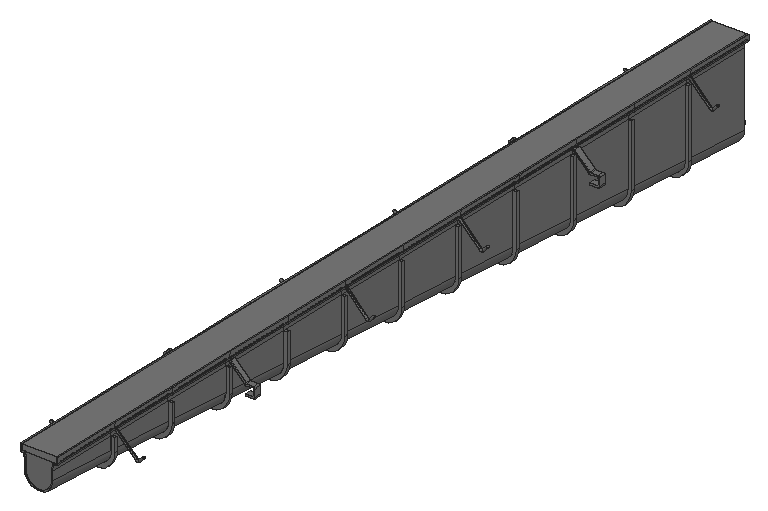
Revit family "x9940", category Plumbing Fixtures, Revit 2014
Parameters (values of type "9940")
  Waste Connection = yes
  Vent Connection = no
  URL = "http://www.jrsmith.com"
  Type Comments = "Wide Zip Trench"
  Product URL = "https://www.jrsmith.com/9940-zip-trench-drain"
  Product Documentation Link = "https://www.jrsmith.com/uploads/fileLibrary/d9940.pdf"
  Model = "9940"
  Manufacturer = "Jay R. Smith"
  HW Connection = no
  Description = "6-inch Wide Polypropylene Trench Drain System - Zip Trench"  # constant formula
  Default Elevation = 0"
  Connection Size = 4"
  CW Connection = no
Reference planes (in)
  plane 1 "Center (Front/Back)": y = 0
  plane 2: z = 0
  plane 3 "Center (Left/Right)": x = 0
  plane 4: x = -6.4375
  plane 5: x = 6.4375
  plane 6: x = -2.5625
  plane 7: x = 2.5625
  plane 8: x = -1.8125
  plane 9: x = 1.8125
  plane 10: z = -0.8125
  plane 11: z = -4.8125
  plane 12: y = 29.75
  plane 13: y = -29.75
  plane 14: y = -59.3125
  plane 15: y = 59.3125
  plane 16: y = 49.45833
  plane 17: y = 39.60417
  plane 18: y = 9.91667
  plane 19: y = 19.83333
  plane 20: y = -9.91667
  plane 21: y = -19.83333
  plane 22: y = -49.45833
  plane 23: y = -39.60417
  plane 24: z = -1.87363
  plane 25: y = 49.13688
  plane 26: y = 39.28271
  plane 27: y = 29.42855
  plane 28: y = 19.51188
  plane 29: y = 9.59521
  plane 30: y = -49.13688
  plane 31: y = -39.28271
  plane 32: y = -29.42855
  plane 33: y = -19.51188
  plane 34: y = -9.59521
  plane 35: y = 0.15625
  plane 36: y = -0.15625
  plane 37: y = 58.99105
  plane 38: y = 49.29313
  plane 39: y = 19.66813
  plane 40: y = 9.75146
  plane 41: y = 29.5848
  plane 42: z = -3.7475
  plane 43: z = -5.56
  plane 44: z = -3
  plane 45: z = -4.8125
  plane 46: z = -4.4975
  plane 47: z = -6.31
  plane 48: z = -3.7475
  plane 49: z = -5.56
  plane 50: z = -5.2475
  plane 51: z = -7.06
  plane 52: z = -4.4975
  plane 53: z = -6.31
  plane 54: z = -5.9975
  plane 55: z = -7.81
  plane 56: z = -5.2475
  plane 57: z = -7.06
  plane 58: z = -6.7475
  plane 59: z = -8.56
  plane 60: z = -5.9975
  plane 61: z = -7.81
  plane 62: z = -7.4975
  plane 63: z = -9.31
  plane 64: z = -6.7475
  plane 65: z = -8.56
  plane 66: z = -8.2475
  plane 67: z = -10.06
  plane 68: z = -7.4975
  plane 69: z = -9.31
  plane 70: z = -8.9975
  plane 71: z = -10.81
  plane 72: z = -8.2475
  plane 73: z = -10.06
  plane 74: z = -9.7475
  plane 75: z = -11.56
  plane 76: z = -8.9975
  plane 77: z = -10.81
  plane 78: z = -10.4975
  plane 79: z = -12.31
  plane 80: z = -9.7475
  plane 81: z = -11.56
  plane 82: z = -11.2475
  plane 83: z = -13.06
  plane 84: z = -10.4975
  plane 85: z = -12.31
  plane 86: z = -11.9975
  plane 87: z = -13.81
  plane 88: z = -11.2475
  plane 89: z = -13.06
  plane 90: z = -1.87363
  plane 91: z = -11.71625
  plane 92: z = -13.21625
Forms (in)
  Sweep 1, solid, material "Coated Steel"
    path origin (0, 49.29313, 0) x (1, 0, 0) y (0, 0, 1)
      loop
        line (-6.4375, -3.00878) -> (-5.8065, -3.63978)
        arc (-5.8065, -3.63978) -> (-5.60396, -3.72367) -> (-5.40141, -3.63978) r 0.28644
        line (-5.40141, -3.63978) -> (-2.46486, -0.70323)
    profile origin (-6.122, 49.29313, -3.32428) x (0.707107, 0, 0.707107) y (0, -1, 0)
      loop
        circle (0, 0) r 0.125
  Sweep 2, solid, material "Coated Steel"
    path origin (0, 49.29313, 0) x (-1, 0, 0) y (0, 0, 1)
      loop
        line (-6.4375, -3.00878) -> (-5.8065, -3.63978)
        arc (-5.8065, -3.63978) -> (-5.60396, -3.72367) -> (-5.40141, -3.63978) r 0.28644
        line (-5.40141, -3.63978) -> (-2.46486, -0.70323)
    profile origin (6.122, 49.29313, -3.32428) x (0.707107, 0, -0.707107) y (0, -1, 0)
      loop
        circle (0, 0) r 0.125
  Sweep 3, solid, material "Coated Steel"
    path origin (0, 9.75146, 0) x (1, 0, 0) y (0, 0, 1)
      loop
        line (-6.4375, -3.00878) -> (-5.8065, -3.63978)
        arc (-5.8065, -3.63978) -> (-5.60396, -3.72367) -> (-5.40141, -3.63978) r 0.28644
        line (-5.40141, -3.63978) -> (-2.46486, -0.70323)
    profile origin (-6.122, 9.75146, -3.32428) x (0.707107, 0, 0.707107) y (0, -1, 0)
      loop
        circle (0, 0) r 0.125
  Sweep 4, solid, material "Coated Steel"
    path origin (0, 9.75146, 0) x (-1, 0, 0) y (0, 0, 1)
      loop
        line (-6.4375, -3.00878) -> (-5.8065, -3.63978)
        arc (-5.8065, -3.63978) -> (-5.60396, -3.72367) -> (-5.40141, -3.63978) r 0.28644
        line (-5.40141, -3.63978) -> (-2.46486, -0.70323)
    profile origin (6.122, 9.75146, -3.32428) x (0.707107, 0, -0.707107) y (0, -1, 0)
      loop
        circle (0, 0) r 0.125
  Sweep 5, solid, material "Coated Steel"
    path origin (0, -49.29313, 0) x (-1, 0, 0) y (0, 0, 1)
      loop
        line (-6.4375, -3.00878) -> (-5.8065, -3.63978)
        arc (-5.8065, -3.63978) -> (-5.60396, -3.72367) -> (-5.40141, -3.63978) r 0.28644
        line (-5.40141, -3.63978) -> (-2.46486, -0.70323)
    profile origin (6.122, -49.29313, -3.32428) x (-0.707107, 0, 0.707107) y (0, 1, 0)
      loop
        circle (0, 0) r 0.125
  Sweep 6, solid, material "Coated Steel"
    path origin (0, -9.75146, 0) x (1, 0, 0) y (0, 0, -1)
      loop
        line (-6.4375, 3.00878) -> (-5.8065, 3.63978)
        arc (-5.8065, 3.63978) -> (-5.60396, 3.72367) -> (-5.40141, 3.63978) r 0.28644
        line (-5.40141, 3.63978) -> (-2.46486, 0.70323)
    profile origin (-6.122, -9.75146, -3.32428) x (-0.707107, 0, -0.707107) y (0, 1, 0)
      loop
        circle (0, 0) r 0.125
  Sweep 7, solid, material "Coated Steel"
    path origin (0, -9.75146, 0) x (-1, 0, 0) y (0, 0, 1)
      loop
        line (-6.4375, -3.00878) -> (-5.8065, -3.63978)
        arc (-5.8065, -3.63978) -> (-5.60396, -3.72367) -> (-5.40141, -3.63978) r 0.28644
        line (-5.40141, -3.63978) -> (-2.46486, -0.70323)
    profile origin (6.122, -9.75146, -3.32428) x (-0.707107, 0, 0.707107) y (0, 1, 0)
      loop
        circle (0, 0) r 0.125
  Extrusion 8, solid, material "Coated Steel"
    sketch origin (0, -0.12653, 0) x (1, 0, 0) y (0, 0, 1)
      loop
        line (-2.84599, -0.8125) -> (-4.90563, -2.87214)
        arc (-4.90563, -2.87214) -> (-4.9466, -2.89951) -> (-4.99493, -2.90913) r 0.12629
        line (-4.99493, -2.90913) -> (-6.05129, -2.90913)
        arc (-6.05129, -2.90913) -> (-6.19384, -2.96818) -> (-6.25289, -3.11073) r 0.2016
        line (-6.25289, -3.11073) -> (-6.25289, -4.20026)
        arc (-6.25289, -4.20026) -> (-6.19171, -4.34795) -> (-6.04402, -4.40913) r 0.20887
        line (-6.04402, -4.40913) -> (-4.96061, -4.40913) -> (-4.96061, -4.21916) -> (-5.99562, -4.21916)
        arc (-5.99562, -4.21916) -> (-6.06196, -4.19168) -> (-6.08944, -4.12534) r 0.09381
        line (-6.08944, -4.12534) -> (-6.08944, -3.17579)
        arc (-6.08944, -3.17579) -> (-6.07039, -3.12981) -> (-6.02441, -3.11076) r 0.06502
        line (-6.02441, -3.11076) -> (-5.01593, -3.11076)
        arc (-5.01593, -3.11076) -> (-4.8846, -3.08464) -> (-4.77327, -3.01025) r 0.34317
        line (-4.77327, -3.01025) -> (-2.73958, -0.97656) -> (-2.3821, -0.97656) -> (-2.3821, -0.8125) -> (-2.84599, -0.8125)
      loop
        line (2.84599, -0.8125) -> (2.3821, -0.8125) -> (2.3821, -0.97656) -> (2.73958, -0.97656) -> (4.77327, -3.01025)
        arc (4.77327, -3.01025) -> (4.8846, -3.08464) -> (5.01593, -3.11076) r 0.34317
        line (5.01593, -3.11076) -> (6.02441, -3.11076)
        arc (6.02441, -3.11076) -> (6.07039, -3.12981) -> (6.08944, -3.17579) r 0.06502
        line (6.08944, -3.17579) -> (6.08944, -4.12534)
        arc (6.08944, -4.12534) -> (6.06196, -4.19168) -> (5.99562, -4.21916) r 0.09381
        line (5.99562, -4.21916) -> (4.96061, -4.21916) -> (4.96061, -4.40913) -> (6.04402, -4.40913)
        arc (6.04402, -4.40913) -> (6.19171, -4.34795) -> (6.25289, -4.20026) r 0.20887
        line (6.25289, -4.20026) -> (6.25289, -3.11073)
        arc (6.25289, -3.11073) -> (6.19384, -2.96818) -> (6.05129, -2.90913) r 0.2016
        line (6.05129, -2.90913) -> (4.99493, -2.90913)
        arc (4.99493, -2.90913) -> (4.9466, -2.89951) -> (4.90563, -2.87214) r 0.12629
        line (4.90563, -2.87214) -> (2.84599, -0.8125)
    from -30.12653 to -29.29612
  Extrusion 9, solid, material "Coated Steel"
    sketch origin (0, 0.12653, 0) x (1, 0, 0) y (0, 0, -1)
      loop
        line (-2.84599, 0.8125) -> (-2.3821, 0.8125) -> (-2.3821, 0.97656) -> (-2.73958, 0.97656) -> (-4.77327, 3.01025)
        arc (-4.77327, 3.01025) -> (-4.8846, 3.08464) -> (-5.01593, 3.11076) r 0.34317
        line (-5.01593, 3.11076) -> (-6.02441, 3.11076)
        arc (-6.02441, 3.11076) -> (-6.07039, 3.12981) -> (-6.08944, 3.17579) r 0.06502
        line (-6.08944, 3.17579) -> (-6.08944, 4.12534)
        arc (-6.08944, 4.12534) -> (-6.06196, 4.19168) -> (-5.99562, 4.21916) r 0.09381
        line (-5.99562, 4.21916) -> (-4.96061, 4.21916) -> (-4.96061, 4.40913) -> (-6.04402, 4.40913)
        arc (-6.04402, 4.40913) -> (-6.19171, 4.34795) -> (-6.25289, 4.20026) r 0.20887
        line (-6.25289, 4.20026) -> (-6.25289, 3.11073)
        arc (-6.25289, 3.11073) -> (-6.19384, 2.96818) -> (-6.05129, 2.90913) r 0.2016
        line (-6.05129, 2.90913) -> (-4.99493, 2.90913)
        arc (-4.99493, 2.90913) -> (-4.9466, 2.89951) -> (-4.90563, 2.87214) r 0.12629
        line (-4.90563, 2.87214) -> (-2.84599, 0.8125)
      loop
        line (2.84599, 0.8125) -> (4.90563, 2.87214)
        arc (4.90563, 2.87214) -> (4.9466, 2.89951) -> (4.99493, 2.90913) r 0.12629
        line (4.99493, 2.90913) -> (6.05129, 2.90913)
        arc (6.05129, 2.90913) -> (6.19384, 2.96818) -> (6.25289, 3.11073) r 0.2016
        line (6.25289, 3.11073) -> (6.25289, 4.20026)
        arc (6.25289, 4.20026) -> (6.19171, 4.34795) -> (6.04402, 4.40913) r 0.20887
        line (6.04402, 4.40913) -> (4.96061, 4.40913) -> (4.96061, 4.21916) -> (5.99562, 4.21916)
        arc (5.99562, 4.21916) -> (6.06196, 4.19168) -> (6.08944, 4.12534) r 0.09381
        line (6.08944, 4.12534) -> (6.08944, 3.17579)
        arc (6.08944, 3.17579) -> (6.07039, 3.12981) -> (6.02441, 3.11076) r 0.06502
        line (6.02441, 3.11076) -> (5.01593, 3.11076)
        arc (5.01593, 3.11076) -> (4.8846, 3.08464) -> (4.77327, 3.01025) r 0.34317
        line (4.77327, 3.01025) -> (2.73958, 0.97656) -> (2.3821, 0.97656) -> (2.3821, 0.8125) -> (2.84599, 0.8125)
    from -30.12653 to -29.29612
  Sweep 10, solid, material "Coated Steel"
    path origin (0, -49.29313, 0) x (1, 0, 0) y (0, 0, -1)
      loop
        line (-6.4375, 3.00878) -> (-5.8065, 3.63978)
        arc (-5.8065, 3.63978) -> (-5.60396, 3.72367) -> (-5.40141, 3.63978) r 0.28644
        line (-5.40141, 3.63978) -> (-2.46486, 0.70323)
    profile origin (-6.122, -49.29313, -3.32428) x (-0.707107, 0, -0.707107) y (0, 1, 0)
      loop
        circle (0, 0) r 0.125
  Extrusion 11, solid, material "Steel"
    sketch origin (0, 0, 0) x (1, 0, 0) y (0, 0, 1)
      loop
        arc (-2.39633, -0.69967) -> (-2.36328, -0.77945) -> (-2.2835, -0.8125) r 0.11283
        line (-2.2835, -0.8125) -> (2.29086, -0.8125)
        arc (2.29086, -0.8125) -> (2.37097, -0.77932) -> (2.40415, -0.69922) r 0.11328
        line (2.40415, -0.69922) -> (2.40415, 0) -> (-2.39633, 0) -> (-2.39633, -0.69967)
    from -59.3125 to 59.3125
  Blend 12, solid, material "Coated Steel"
    base sketch origin (-25, 0, 0) x (1, 0, 0) y (0, 0, 1)
      loop
        line (22.4375, 0) -> (22.4375, -0.79616)
        arc (22.4375, -0.79616) -> (22.49034, -0.92372) -> (22.6179, -0.97656) r 0.1804
        line (22.6179, -0.97656) -> (22.8533, -0.97656)
        arc (22.8533, -0.97656) -> (22.92131, -1.00301) -> (22.95359, -1.06846) r 0.10067
        line (22.95359, -1.06846) -> (23.03184, -1.96293) -> (23.03184, -3.7475)
        arc (23.03184, -3.7475) -> (25, -5.71566) -> (26.96816, -3.7475) r 1.96816
        line (26.96816, -3.7475) -> (26.96816, -1.87363) -> (27.03928, -1.06064)
        arc (27.03928, -1.06064) -> (27.07156, -0.9952) -> (27.13957, -0.96875) r 0.10067
        line (27.13957, -0.96875) -> (27.3821, -0.96875)
        arc (27.3821, -0.96875) -> (27.50966, -0.91591) -> (27.5625, -0.78835) r 0.1804
        line (27.5625, -0.78835) -> (27.5625, 0) -> (27.40415, 0) -> (27.40415, -0.69922)
        arc (27.40415, -0.69922) -> (27.37097, -0.77932) -> (27.29086, -0.8125) r 0.11328
        line (27.29086, -0.8125) -> (27.02152, -0.8125)
        arc (27.02152, -0.8125) -> (26.93498, -0.84615) -> (26.89392, -0.92943) r 0.12809
        line (26.89392, -0.92943) -> (26.8125, -1.86001) -> (26.8125, -3.7475)
        arc (26.8125, -3.7475) -> (25, -5.56) -> (23.1875, -3.7475) r 1.8125
        line (23.1875, -3.7475) -> (23.1875, -1.86001) -> (23.10608, -0.92943)
        arc (23.10608, -0.92943) -> (23.06502, -0.84615) -> (22.97848, -0.8125) r 0.12809
        line (22.97848, -0.8125) -> (22.7165, -0.8125)
        arc (22.7165, -0.8125) -> (22.63672, -0.77945) -> (22.60367, -0.69967) r 0.11283
        line (22.60367, -0.69967) -> (22.60367, 0) -> (22.4375, 0)
    top sketch origin (-25, 0, 0) x (1, 0, 0) y (0, 0, 1)
      loop
        line (22.4375, 0) -> (22.4375, -0.79616)
        arc (22.4375, -0.79616) -> (22.49034, -0.92372) -> (22.6179, -0.97656) r 0.1804
        line (22.6179, -0.97656) -> (22.8533, -0.97656)
        arc (22.8533, -0.97656) -> (22.92131, -1.00301) -> (22.95359, -1.06846) r 0.10067
        line (22.95359, -1.06846) -> (23.03184, -1.96293) -> (23.03184, -3)
        arc (23.03184, -3) -> (25, -4.96816) -> (26.96816, -3) r 1.96816
        line (26.96816, -3) -> (26.96816, -1.87363) -> (27.03928, -1.06064)
        arc (27.03928, -1.06064) -> (27.07156, -0.9952) -> (27.13957, -0.96875) r 0.10067
        line (27.13957, -0.96875) -> (27.3821, -0.96875)
        arc (27.3821, -0.96875) -> (27.50966, -0.91591) -> (27.5625, -0.78835) r 0.1804
        line (27.5625, -0.78835) -> (27.5625, 0) -> (27.40415, 0) -> (27.40415, -0.69922)
        arc (27.40415, -0.69922) -> (27.37097, -0.77932) -> (27.29086, -0.8125) r 0.11328
        line (27.29086, -0.8125) -> (27.02152, -0.8125)
        arc (27.02152, -0.8125) -> (26.93498, -0.84615) -> (26.89392, -0.92943) r 0.12809
        line (26.89392, -0.92943) -> (26.8125, -1.86001) -> (26.8125, -3)
        arc (26.8125, -3) -> (25, -4.8125) -> (23.1875, -3) r 1.8125
        line (23.1875, -3) -> (23.1875, -1.86001) -> (23.10608, -0.92943)
        arc (23.10608, -0.92943) -> (23.06502, -0.84615) -> (22.97848, -0.8125) r 0.12809
        line (22.97848, -0.8125) -> (22.7165, -0.8125)
        arc (22.7165, -0.8125) -> (22.63672, -0.77945) -> (22.60367, -0.69967) r 0.11283
        line (22.60367, -0.69967) -> (22.60367, 0) -> (22.4375, 0)
    from 49.45833 to 59.3125
  Blend 13, solid, material "Coated Steel"
    base sketch origin (-25, 0, 0) x (1, 0, 0) y (0, 0, 1)
      loop
        line (22.4375, 0) -> (22.4375, -0.79616)
        arc (22.4375, -0.79616) -> (22.49034, -0.92372) -> (22.6179, -0.97656) r 0.1804
        line (22.6179, -0.97656) -> (22.8533, -0.97656)
        arc (22.8533, -0.97656) -> (22.92131, -1.00301) -> (22.95359, -1.06846) r 0.10067
        line (22.95359, -1.06846) -> (23.03184, -1.96293) -> (23.03184, -4.4975)
        arc (23.03184, -4.4975) -> (25, -6.46566) -> (26.96816, -4.4975) r 1.96816
        line (26.96816, -4.4975) -> (26.96816, -1.87363) -> (27.03928, -1.06064)
        arc (27.03928, -1.06064) -> (27.07156, -0.9952) -> (27.13957, -0.96875) r 0.10067
        line (27.13957, -0.96875) -> (27.3821, -0.96875)
        arc (27.3821, -0.96875) -> (27.50966, -0.91591) -> (27.5625, -0.78835) r 0.1804
        line (27.5625, -0.78835) -> (27.5625, 0) -> (27.40415, 0) -> (27.40415, -0.69922)
        arc (27.40415, -0.69922) -> (27.37097, -0.77932) -> (27.29086, -0.8125) r 0.11328
        line (27.29086, -0.8125) -> (27.02152, -0.8125)
        arc (27.02152, -0.8125) -> (26.93498, -0.84615) -> (26.89392, -0.92943) r 0.12809
        line (26.89392, -0.92943) -> (26.8125, -1.86001) -> (26.8125, -4.4975)
        arc (26.8125, -4.4975) -> (25, -6.31) -> (23.1875, -4.4975) r 1.8125
        line (23.1875, -4.4975) -> (23.1875, -1.86001) -> (23.10608, -0.92943)
        arc (23.10608, -0.92943) -> (23.06502, -0.84615) -> (22.97848, -0.8125) r 0.12809
        line (22.97848, -0.8125) -> (22.7165, -0.8125)
        arc (22.7165, -0.8125) -> (22.63672, -0.77945) -> (22.60367, -0.69967) r 0.11283
        line (22.60367, -0.69967) -> (22.60367, 0) -> (22.4375, 0)
    top sketch origin (-25, 0, 0) x (1, 0, 0) y (0, 0, 1)
      loop
        line (22.4375, 0) -> (22.4375, -0.79616)
        arc (22.4375, -0.79616) -> (22.49034, -0.92372) -> (22.6179, -0.97656) r 0.1804
        line (22.6179, -0.97656) -> (22.8533, -0.97656)
        arc (22.8533, -0.97656) -> (22.92131, -1.00301) -> (22.95359, -1.06846) r 0.10067
        line (22.95359, -1.06846) -> (23.03184, -1.96293) -> (23.03184, -3.7475)
        arc (23.03184, -3.7475) -> (25, -5.71566) -> (26.96816, -3.7475) r 1.96816
        line (26.96816, -3.7475) -> (26.96816, -1.87363) -> (27.03928, -1.06064)
        arc (27.03928, -1.06064) -> (27.07156, -0.9952) -> (27.13957, -0.96875) r 0.10067
        line (27.13957, -0.96875) -> (27.3821, -0.96875)
        arc (27.3821, -0.96875) -> (27.50966, -0.91591) -> (27.5625, -0.78835) r 0.1804
        line (27.5625, -0.78835) -> (27.5625, 0) -> (27.40415, 0) -> (27.40415, -0.69922)
        arc (27.40415, -0.69922) -> (27.37097, -0.77932) -> (27.29086, -0.8125) r 0.11328
        line (27.29086, -0.8125) -> (27.02152, -0.8125)
        arc (27.02152, -0.8125) -> (26.93498, -0.84615) -> (26.89392, -0.92943) r 0.12809
        line (26.89392, -0.92943) -> (26.8125, -1.86001) -> (26.8125, -3.7475)
        arc (26.8125, -3.7475) -> (25, -5.56) -> (23.1875, -3.7475) r 1.8125
        line (23.1875, -3.7475) -> (23.1875, -1.86001) -> (23.10608, -0.92943)
        arc (23.10608, -0.92943) -> (23.06502, -0.84615) -> (22.97848, -0.8125) r 0.12809
        line (22.97848, -0.8125) -> (22.7165, -0.8125)
        arc (22.7165, -0.8125) -> (22.63672, -0.77945) -> (22.60367, -0.69967) r 0.11283
        line (22.60367, -0.69967) -> (22.60367, 0) -> (22.4375, 0)
    from 39.60417 to 49.45833
  Blend 14, solid, material "Coated Steel"
    base sketch origin (-25, 0, 0) x (1, 0, 0) y (0, 0, 1)
      loop
        line (22.4375, 0) -> (22.4375, -0.79616)
        arc (22.4375, -0.79616) -> (22.49034, -0.92372) -> (22.6179, -0.97656) r 0.1804
        line (22.6179, -0.97656) -> (22.8533, -0.97656)
        arc (22.8533, -0.97656) -> (22.92131, -1.00301) -> (22.95359, -1.06846) r 0.10067
        line (22.95359, -1.06846) -> (23.03184, -1.96293) -> (23.03184, -5.2475)
        arc (23.03184, -5.2475) -> (25, -7.21566) -> (26.96816, -5.2475) r 1.96816
        line (26.96816, -5.2475) -> (26.96816, -1.87363) -> (27.03928, -1.06064)
        arc (27.03928, -1.06064) -> (27.07156, -0.9952) -> (27.13957, -0.96875) r 0.10067
        line (27.13957, -0.96875) -> (27.3821, -0.96875)
        arc (27.3821, -0.96875) -> (27.50966, -0.91591) -> (27.5625, -0.78835) r 0.1804
        line (27.5625, -0.78835) -> (27.5625, 0) -> (27.40415, 0) -> (27.40415, -0.69922)
        arc (27.40415, -0.69922) -> (27.37097, -0.77932) -> (27.29086, -0.8125) r 0.11328
        line (27.29086, -0.8125) -> (27.02152, -0.8125)
        arc (27.02152, -0.8125) -> (26.93498, -0.84615) -> (26.89392, -0.92943) r 0.12809
        line (26.89392, -0.92943) -> (26.8125, -1.86001) -> (26.8125, -5.2475)
        arc (26.8125, -5.2475) -> (25, -7.06) -> (23.1875, -5.2475) r 1.8125
        line (23.1875, -5.2475) -> (23.1875, -1.86001) -> (23.10608, -0.92943)
        arc (23.10608, -0.92943) -> (23.06502, -0.84615) -> (22.97848, -0.8125) r 0.12809
        line (22.97848, -0.8125) -> (22.7165, -0.8125)
        arc (22.7165, -0.8125) -> (22.63672, -0.77945) -> (22.60367, -0.69967) r 0.11283
        line (22.60367, -0.69967) -> (22.60367, 0) -> (22.4375, 0)
    top sketch origin (-25, 0, 0) x (1, 0, 0) y (0, 0, 1)
      loop
        line (22.4375, 0) -> (22.4375, -0.79616)
        arc (22.4375, -0.79616) -> (22.49034, -0.92372) -> (22.6179, -0.97656) r 0.1804
        line (22.6179, -0.97656) -> (22.8533, -0.97656)
        arc (22.8533, -0.97656) -> (22.92131, -1.00301) -> (22.95359, -1.06846) r 0.10067
        line (22.95359, -1.06846) -> (23.03184, -1.96293) -> (23.03184, -4.4975)
        arc (23.03184, -4.4975) -> (25, -6.46566) -> (26.96816, -4.4975) r 1.96816
        line (26.96816, -4.4975) -> (26.96816, -1.87363) -> (27.03928, -1.06064)
        arc (27.03928, -1.06064) -> (27.07156, -0.9952) -> (27.13957, -0.96875) r 0.10067
        line (27.13957, -0.96875) -> (27.3821, -0.96875)
        arc (27.3821, -0.96875) -> (27.50966, -0.91591) -> (27.5625, -0.78835) r 0.1804
        line (27.5625, -0.78835) -> (27.5625, 0) -> (27.40415, 0) -> (27.40415, -0.69922)
        arc (27.40415, -0.69922) -> (27.37097, -0.77932) -> (27.29086, -0.8125) r 0.11328
        line (27.29086, -0.8125) -> (27.02152, -0.8125)
        arc (27.02152, -0.8125) -> (26.93498, -0.84615) -> (26.89392, -0.92943) r 0.12809
        line (26.89392, -0.92943) -> (26.8125, -1.86001) -> (26.8125, -4.4975)
        arc (26.8125, -4.4975) -> (25, -6.31) -> (23.1875, -4.4975) r 1.8125
        line (23.1875, -4.4975) -> (23.1875, -1.86001) -> (23.10608, -0.92943)
        arc (23.10608, -0.92943) -> (23.06502, -0.84615) -> (22.97848, -0.8125) r 0.12809
        line (22.97848, -0.8125) -> (22.7165, -0.8125)
        arc (22.7165, -0.8125) -> (22.63672, -0.77945) -> (22.60367, -0.69967) r 0.11283
        line (22.60367, -0.69967) -> (22.60367, 0) -> (22.4375, 0)
    from 29.75 to 39.60417
  Blend 15, solid, material "Coated Steel"
    base sketch origin (-25, 0, 0) x (1, 0, 0) y (0, 0, 1)
      loop
        line (22.4375, 0) -> (22.4375, -0.79616)
        arc (22.4375, -0.79616) -> (22.49034, -0.92372) -> (22.6179, -0.97656) r 0.1804
        line (22.6179, -0.97656) -> (22.8533, -0.97656)
        arc (22.8533, -0.97656) -> (22.92131, -1.00301) -> (22.95359, -1.06846) r 0.10067
        line (22.95359, -1.06846) -> (23.03184, -1.96293) -> (23.03184, -5.9975)
        arc (23.03184, -5.9975) -> (25, -7.96566) -> (26.96816, -5.9975) r 1.96816
        line (26.96816, -5.9975) -> (26.96816, -1.87363) -> (27.03928, -1.06064)
        arc (27.03928, -1.06064) -> (27.07156, -0.9952) -> (27.13957, -0.96875) r 0.10067
        line (27.13957, -0.96875) -> (27.3821, -0.96875)
        arc (27.3821, -0.96875) -> (27.50966, -0.91591) -> (27.5625, -0.78835) r 0.1804
        line (27.5625, -0.78835) -> (27.5625, 0) -> (27.40415, 0) -> (27.40415, -0.69922)
        arc (27.40415, -0.69922) -> (27.37097, -0.77932) -> (27.29086, -0.8125) r 0.11328
        line (27.29086, -0.8125) -> (27.02152, -0.8125)
        arc (27.02152, -0.8125) -> (26.93498, -0.84615) -> (26.89392, -0.92943) r 0.12809
        line (26.89392, -0.92943) -> (26.8125, -1.86001) -> (26.8125, -5.9975)
        arc (26.8125, -5.9975) -> (25, -7.81) -> (23.1875, -5.9975) r 1.8125
        line (23.1875, -5.9975) -> (23.1875, -1.86001) -> (23.10608, -0.92943)
        arc (23.10608, -0.92943) -> (23.06502, -0.84615) -> (22.97848, -0.8125) r 0.12809
        line (22.97848, -0.8125) -> (22.7165, -0.8125)
        arc (22.7165, -0.8125) -> (22.63672, -0.77945) -> (22.60367, -0.69967) r 0.11283
        line (22.60367, -0.69967) -> (22.60367, 0) -> (22.4375, 0)
    top sketch origin (-25, 0, 0) x (1, 0, 0) y (0, 0, 1)
      loop
        line (22.4375, 0) -> (22.4375, -0.79616)
        arc (22.4375, -0.79616) -> (22.49034, -0.92372) -> (22.6179, -0.97656) r 0.1804
        line (22.6179, -0.97656) -> (22.8533, -0.97656)
        arc (22.8533, -0.97656) -> (22.92131, -1.00301) -> (22.95359, -1.06846) r 0.10067
        line (22.95359, -1.06846) -> (23.03184, -1.96293) -> (23.03184, -5.2475)
        arc (23.03184, -5.2475) -> (25, -7.21566) -> (26.96816, -5.2475) r 1.96816
        line (26.96816, -5.2475) -> (26.96816, -1.87363) -> (27.03928, -1.06064)
        arc (27.03928, -1.06064) -> (27.07156, -0.9952) -> (27.13957, -0.96875) r 0.10067
        line (27.13957, -0.96875) -> (27.3821, -0.96875)
        arc (27.3821, -0.96875) -> (27.50966, -0.91591) -> (27.5625, -0.78835) r 0.1804
        line (27.5625, -0.78835) -> (27.5625, 0) -> (27.40415, 0) -> (27.40415, -0.69922)
        arc (27.40415, -0.69922) -> (27.37097, -0.77932) -> (27.29086, -0.8125) r 0.11328
        line (27.29086, -0.8125) -> (27.02152, -0.8125)
        arc (27.02152, -0.8125) -> (26.93498, -0.84615) -> (26.89392, -0.92943) r 0.12809
        line (26.89392, -0.92943) -> (26.8125, -1.86001) -> (26.8125, -5.2475)
        arc (26.8125, -5.2475) -> (25, -7.06) -> (23.1875, -5.2475) r 1.8125
        line (23.1875, -5.2475) -> (23.1875, -1.86001) -> (23.10608, -0.92943)
        arc (23.10608, -0.92943) -> (23.06502, -0.84615) -> (22.97848, -0.8125) r 0.12809
        line (22.97848, -0.8125) -> (22.7165, -0.8125)
        arc (22.7165, -0.8125) -> (22.63672, -0.77945) -> (22.60367, -0.69967) r 0.11283
        line (22.60367, -0.69967) -> (22.60367, 0) -> (22.4375, 0)
    from 19.83333 to 29.75
  Blend 16, solid, material "Coated Steel"
    base sketch origin (-25, 0, 0) x (1, 0, 0) y (0, 0, 1)
      loop
        line (22.4375, 0) -> (22.4375, -0.79616)
        arc (22.4375, -0.79616) -> (22.49034, -0.92372) -> (22.6179, -0.97656) r 0.1804
        line (22.6179, -0.97656) -> (22.8533, -0.97656)
        arc (22.8533, -0.97656) -> (22.92131, -1.00301) -> (22.95359, -1.06846) r 0.10067
        line (22.95359, -1.06846) -> (23.03184, -1.96293) -> (23.03184, -6.7475)
        arc (23.03184, -6.7475) -> (25, -8.71566) -> (26.96816, -6.7475) r 1.96816
        line (26.96816, -6.7475) -> (26.96816, -1.87363) -> (27.03928, -1.06064)
        arc (27.03928, -1.06064) -> (27.07156, -0.9952) -> (27.13957, -0.96875) r 0.10067
        line (27.13957, -0.96875) -> (27.3821, -0.96875)
        arc (27.3821, -0.96875) -> (27.50966, -0.91591) -> (27.5625, -0.78835) r 0.1804
        line (27.5625, -0.78835) -> (27.5625, 0) -> (27.40415, 0) -> (27.40415, -0.69922)
        arc (27.40415, -0.69922) -> (27.37097, -0.77932) -> (27.29086, -0.8125) r 0.11328
        line (27.29086, -0.8125) -> (27.02152, -0.8125)
        arc (27.02152, -0.8125) -> (26.93498, -0.84615) -> (26.89392, -0.92943) r 0.12809
        line (26.89392, -0.92943) -> (26.8125, -1.86001) -> (26.8125, -6.7475)
        arc (26.8125, -6.7475) -> (25, -8.56) -> (23.1875, -6.7475) r 1.8125
        line (23.1875, -6.7475) -> (23.1875, -1.86001) -> (23.10608, -0.92943)
        arc (23.10608, -0.92943) -> (23.06502, -0.84615) -> (22.97848, -0.8125) r 0.12809
        line (22.97848, -0.8125) -> (22.7165, -0.8125)
        arc (22.7165, -0.8125) -> (22.63672, -0.77945) -> (22.60367, -0.69967) r 0.11283
        line (22.60367, -0.69967) -> (22.60367, 0) -> (22.4375, 0)
    top sketch origin (-25, 0, 0) x (1, 0, 0) y (0, 0, 1)
      loop
        line (22.4375, 0) -> (22.4375, -0.79616)
        arc (22.4375, -0.79616) -> (22.49034, -0.92372) -> (22.6179, -0.97656) r 0.1804
        line (22.6179, -0.97656) -> (22.8533, -0.97656)
        arc (22.8533, -0.97656) -> (22.92131, -1.00301) -> (22.95359, -1.06846) r 0.10067
        line (22.95359, -1.06846) -> (23.03184, -1.96293) -> (23.03184, -5.9975)
        arc (23.03184, -5.9975) -> (25, -7.96566) -> (26.96816, -5.9975) r 1.96816
        line (26.96816, -5.9975) -> (26.96816, -1.87363) -> (27.03928, -1.06064)
        arc (27.03928, -1.06064) -> (27.07156, -0.9952) -> (27.13957, -0.96875) r 0.10067
        line (27.13957, -0.96875) -> (27.3821, -0.96875)
        arc (27.3821, -0.96875) -> (27.50966, -0.91591) -> (27.5625, -0.78835) r 0.1804
        line (27.5625, -0.78835) -> (27.5625, 0) -> (27.40415, 0) -> (27.40415, -0.69922)
        arc (27.40415, -0.69922) -> (27.37097, -0.77932) -> (27.29086, -0.8125) r 0.11328
        line (27.29086, -0.8125) -> (27.02152, -0.8125)
        arc (27.02152, -0.8125) -> (26.93498, -0.84615) -> (26.89392, -0.92943) r 0.12809
        line (26.89392, -0.92943) -> (26.8125, -1.86001) -> (26.8125, -5.9975)
        arc (26.8125, -5.9975) -> (25, -7.81) -> (23.1875, -5.9975) r 1.8125
        line (23.1875, -5.9975) -> (23.1875, -1.86001) -> (23.10608, -0.92943)
        arc (23.10608, -0.92943) -> (23.06502, -0.84615) -> (22.97848, -0.8125) r 0.12809
        line (22.97848, -0.8125) -> (22.7165, -0.8125)
        arc (22.7165, -0.8125) -> (22.63672, -0.77945) -> (22.60367, -0.69967) r 0.11283
        line (22.60367, -0.69967) -> (22.60367, 0) -> (22.4375, 0)
    from 9.91667 to 19.83333
  Blend 17, solid, material "Coated Steel"
    base sketch origin (-25, 0, 0) x (1, 0, 0) y (0, 0, 1)
      loop
        line (22.4375, 0) -> (22.4375, -0.79616)
        arc (22.4375, -0.79616) -> (22.49034, -0.92372) -> (22.6179, -0.97656) r 0.1804
        line (22.6179, -0.97656) -> (22.8533, -0.97656)
        arc (22.8533, -0.97656) -> (22.92131, -1.00301) -> (22.95359, -1.06846) r 0.10067
        line (22.95359, -1.06846) -> (23.03184, -1.96293) -> (23.03184, -7.4975)
        arc (23.03184, -7.4975) -> (25, -9.46566) -> (26.96816, -7.4975) r 1.96816
        line (26.96816, -7.4975) -> (26.96816, -1.87363) -> (27.03928, -1.06064)
        arc (27.03928, -1.06064) -> (27.07156, -0.9952) -> (27.13957, -0.96875) r 0.10067
        line (27.13957, -0.96875) -> (27.3821, -0.96875)
        arc (27.3821, -0.96875) -> (27.50966, -0.91591) -> (27.5625, -0.78835) r 0.1804
        line (27.5625, -0.78835) -> (27.5625, 0) -> (27.40415, 0) -> (27.40415, -0.69922)
        arc (27.40415, -0.69922) -> (27.37097, -0.77932) -> (27.29086, -0.8125) r 0.11328
        line (27.29086, -0.8125) -> (27.02152, -0.8125)
        arc (27.02152, -0.8125) -> (26.93498, -0.84615) -> (26.89392, -0.92943) r 0.12809
        line (26.89392, -0.92943) -> (26.8125, -1.86001) -> (26.8125, -7.4975)
        arc (26.8125, -7.4975) -> (25, -9.31) -> (23.1875, -7.4975) r 1.8125
        line (23.1875, -7.4975) -> (23.1875, -1.86001) -> (23.10608, -0.92943)
        arc (23.10608, -0.92943) -> (23.06502, -0.84615) -> (22.97848, -0.8125) r 0.12809
        line (22.97848, -0.8125) -> (22.7165, -0.8125)
        arc (22.7165, -0.8125) -> (22.63672, -0.77945) -> (22.60367, -0.69967) r 0.11283
        line (22.60367, -0.69967) -> (22.60367, 0) -> (22.4375, 0)
    top sketch origin (-25, 0, 0) x (1, 0, 0) y (0, 0, 1)
      loop
        line (22.4375, 0) -> (22.4375, -0.79616)
        arc (22.4375, -0.79616) -> (22.49034, -0.92372) -> (22.6179, -0.97656) r 0.1804
        line (22.6179, -0.97656) -> (22.8533, -0.97656)
        arc (22.8533, -0.97656) -> (22.92131, -1.00301) -> (22.95359, -1.06846) r 0.10067
        line (22.95359, -1.06846) -> (23.03184, -1.96293) -> (23.03184, -6.7475)
        arc (23.03184, -6.7475) -> (25, -8.71566) -> (26.96816, -6.7475) r 1.96816
        line (26.96816, -6.7475) -> (26.96816, -1.87363) -> (27.03928, -1.06064)
        arc (27.03928, -1.06064) -> (27.07156, -0.9952) -> (27.13957, -0.96875) r 0.10067
        line (27.13957, -0.96875) -> (27.3821, -0.96875)
        arc (27.3821, -0.96875) -> (27.50966, -0.91591) -> (27.5625, -0.78835) r 0.1804
        line (27.5625, -0.78835) -> (27.5625, 0) -> (27.40415, 0) -> (27.40415, -0.69922)
        arc (27.40415, -0.69922) -> (27.37097, -0.77932) -> (27.29086, -0.8125) r 0.11328
        line (27.29086, -0.8125) -> (27.02152, -0.8125)
        arc (27.02152, -0.8125) -> (26.93498, -0.84615) -> (26.89392, -0.92943) r 0.12809
        line (26.89392, -0.92943) -> (26.8125, -1.86001) -> (26.8125, -6.7475)
        arc (26.8125, -6.7475) -> (25, -8.56) -> (23.1875, -6.7475) r 1.8125
        line (23.1875, -6.7475) -> (23.1875, -1.86001) -> (23.10608, -0.92943)
        arc (23.10608, -0.92943) -> (23.06502, -0.84615) -> (22.97848, -0.8125) r 0.12809
        line (22.97848, -0.8125) -> (22.7165, -0.8125)
        arc (22.7165, -0.8125) -> (22.63672, -0.77945) -> (22.60367, -0.69967) r 0.11283
        line (22.60367, -0.69967) -> (22.60367, 0) -> (22.4375, 0)
    from 0 to 9.91667
  Blend 18, solid, material "Coated Steel"
    base sketch origin (-25, 0, 0) x (1, 0, 0) y (0, 0, 1)
      loop
        line (22.4375, 0) -> (22.4375, -0.79616)
        arc (22.4375, -0.79616) -> (22.49034, -0.92372) -> (22.6179, -0.97656) r 0.1804
        line (22.6179, -0.97656) -> (22.8533, -0.97656)
        arc (22.8533, -0.97656) -> (22.92131, -1.00301) -> (22.95359, -1.06846) r 0.10067
        line (22.95359, -1.06846) -> (23.03184, -1.96293) -> (23.03184, -8.2475)
        arc (23.03184, -8.2475) -> (25, -10.21566) -> (26.96816, -8.2475) r 1.96816
        line (26.96816, -8.2475) -> (26.96816, -1.87363) -> (27.03928, -1.06064)
        arc (27.03928, -1.06064) -> (27.07156, -0.9952) -> (27.13957, -0.96875) r 0.10067
        line (27.13957, -0.96875) -> (27.3821, -0.96875)
        arc (27.3821, -0.96875) -> (27.50966, -0.91591) -> (27.5625, -0.78835) r 0.1804
        line (27.5625, -0.78835) -> (27.5625, 0) -> (27.40415, 0) -> (27.40415, -0.69922)
        arc (27.40415, -0.69922) -> (27.37097, -0.77932) -> (27.29086, -0.8125) r 0.11328
        line (27.29086, -0.8125) -> (27.02152, -0.8125)
        arc (27.02152, -0.8125) -> (26.93498, -0.84615) -> (26.89392, -0.92943) r 0.12809
        line (26.89392, -0.92943) -> (26.8125, -1.86001) -> (26.8125, -8.2475)
        arc (26.8125, -8.2475) -> (25, -10.06) -> (23.1875, -8.2475) r 1.8125
        line (23.1875, -8.2475) -> (23.1875, -1.86001) -> (23.10608, -0.92943)
        arc (23.10608, -0.92943) -> (23.06502, -0.84615) -> (22.97848, -0.8125) r 0.12809
        line (22.97848, -0.8125) -> (22.7165, -0.8125)
        arc (22.7165, -0.8125) -> (22.63672, -0.77945) -> (22.60367, -0.69967) r 0.11283
        line (22.60367, -0.69967) -> (22.60367, 0) -> (22.4375, 0)
    top sketch origin (-25, 0, 0) x (1, 0, 0) y (0, 0, 1)
      loop
        line (22.4375, 0) -> (22.4375, -0.79616)
        arc (22.4375, -0.79616) -> (22.49034, -0.92372) -> (22.6179, -0.97656) r 0.1804
        line (22.6179, -0.97656) -> (22.8533, -0.97656)
        arc (22.8533, -0.97656) -> (22.92131, -1.00301) -> (22.95359, -1.06846) r 0.10067
        line (22.95359, -1.06846) -> (23.03184, -1.96293) -> (23.03184, -7.4975)
        arc (23.03184, -7.4975) -> (25, -9.46566) -> (26.96816, -7.4975) r 1.96816
        line (26.96816, -7.4975) -> (26.96816, -1.87363) -> (27.03928, -1.06064)
        arc (27.03928, -1.06064) -> (27.07156, -0.9952) -> (27.13957, -0.96875) r 0.10067
        line (27.13957, -0.96875) -> (27.3821, -0.96875)
        arc (27.3821, -0.96875) -> (27.50966, -0.91591) -> (27.5625, -0.78835) r 0.1804
        line (27.5625, -0.78835) -> (27.5625, 0) -> (27.40415, 0) -> (27.40415, -0.69922)
        arc (27.40415, -0.69922) -> (27.37097, -0.77932) -> (27.29086, -0.8125) r 0.11328
        line (27.29086, -0.8125) -> (27.02152, -0.8125)
        arc (27.02152, -0.8125) -> (26.93498, -0.84615) -> (26.89392, -0.92943) r 0.12809
        line (26.89392, -0.92943) -> (26.8125, -1.86001) -> (26.8125, -7.4975)
        arc (26.8125, -7.4975) -> (25, -9.31) -> (23.1875, -7.4975) r 1.8125
        line (23.1875, -7.4975) -> (23.1875, -1.86001) -> (23.10608, -0.92943)
        arc (23.10608, -0.92943) -> (23.06502, -0.84615) -> (22.97848, -0.8125) r 0.12809
        line (22.97848, -0.8125) -> (22.7165, -0.8125)
        arc (22.7165, -0.8125) -> (22.63672, -0.77945) -> (22.60367, -0.69967) r 0.11283
        line (22.60367, -0.69967) -> (22.60367, 0) -> (22.4375, 0)
    from -9.91667 to 0
  Blend 19, solid, material "Coated Steel"
    base sketch origin (-25, 0, 0) x (1, 0, 0) y (0, 0, 1)
      loop
        line (22.4375, 0) -> (22.4375, -0.79616)
        arc (22.4375, -0.79616) -> (22.49034, -0.92372) -> (22.6179, -0.97656) r 0.1804
        line (22.6179, -0.97656) -> (22.8533, -0.97656)
        arc (22.8533, -0.97656) -> (22.92131, -1.00301) -> (22.95359, -1.06846) r 0.10067
        line (22.95359, -1.06846) -> (23.03184, -1.96293) -> (23.03184, -8.9975)
        arc (23.03184, -8.9975) -> (25, -10.96566) -> (26.96816, -8.9975) r 1.96816
        line (26.96816, -8.9975) -> (26.96816, -1.87363) -> (27.03928, -1.06064)
        arc (27.03928, -1.06064) -> (27.07156, -0.9952) -> (27.13957, -0.96875) r 0.10067
        line (27.13957, -0.96875) -> (27.3821, -0.96875)
        arc (27.3821, -0.96875) -> (27.50966, -0.91591) -> (27.5625, -0.78835) r 0.1804
        line (27.5625, -0.78835) -> (27.5625, 0) -> (27.40415, 0) -> (27.40415, -0.69922)
        arc (27.40415, -0.69922) -> (27.37097, -0.77932) -> (27.29086, -0.8125) r 0.11328
        line (27.29086, -0.8125) -> (27.02152, -0.8125)
        arc (27.02152, -0.8125) -> (26.93498, -0.84615) -> (26.89392, -0.92943) r 0.12809
        line (26.89392, -0.92943) -> (26.8125, -1.86001) -> (26.8125, -8.9975)
        arc (26.8125, -8.9975) -> (25, -10.81) -> (23.1875, -8.9975) r 1.8125
        line (23.1875, -8.9975) -> (23.1875, -1.86001) -> (23.10608, -0.92943)
        arc (23.10608, -0.92943) -> (23.06502, -0.84615) -> (22.97848, -0.8125) r 0.12809
        line (22.97848, -0.8125) -> (22.7165, -0.8125)
        arc (22.7165, -0.8125) -> (22.63672, -0.77945) -> (22.60367, -0.69967) r 0.11283
        line (22.60367, -0.69967) -> (22.60367, 0) -> (22.4375, 0)
    top sketch origin (-25, 0, 0) x (1, 0, 0) y (0, 0, 1)
      loop
        line (22.4375, 0) -> (22.4375, -0.79616)
        arc (22.4375, -0.79616) -> (22.49034, -0.92372) -> (22.6179, -0.97656) r 0.1804
        line (22.6179, -0.97656) -> (22.8533, -0.97656)
        arc (22.8533, -0.97656) -> (22.92131, -1.00301) -> (22.95359, -1.06846) r 0.10067
        line (22.95359, -1.06846) -> (23.03184, -1.96293) -> (23.03184, -8.2475)
        arc (23.03184, -8.2475) -> (25, -10.21566) -> (26.96816, -8.2475) r 1.96816
        line (26.96816, -8.2475) -> (26.96816, -1.87363) -> (27.03928, -1.06064)
        arc (27.03928, -1.06064) -> (27.07156, -0.9952) -> (27.13957, -0.96875) r 0.10067
        line (27.13957, -0.96875) -> (27.3821, -0.96875)
        arc (27.3821, -0.96875) -> (27.50966, -0.91591) -> (27.5625, -0.78835) r 0.1804
        line (27.5625, -0.78835) -> (27.5625, 0) -> (27.40415, 0) -> (27.40415, -0.69922)
        arc (27.40415, -0.69922) -> (27.37097, -0.77932) -> (27.29086, -0.8125) r 0.11328
        line (27.29086, -0.8125) -> (27.02152, -0.8125)
        arc (27.02152, -0.8125) -> (26.93498, -0.84615) -> (26.89392, -0.92943) r 0.12809
        line (26.89392, -0.92943) -> (26.8125, -1.86001) -> (26.8125, -8.2475)
        arc (26.8125, -8.2475) -> (25, -10.06) -> (23.1875, -8.2475) r 1.8125
        line (23.1875, -8.2475) -> (23.1875, -1.86001) -> (23.10608, -0.92943)
        arc (23.10608, -0.92943) -> (23.06502, -0.84615) -> (22.97848, -0.8125) r 0.12809
        line (22.97848, -0.8125) -> (22.7165, -0.8125)
        arc (22.7165, -0.8125) -> (22.63672, -0.77945) -> (22.60367, -0.69967) r 0.11283
        line (22.60367, -0.69967) -> (22.60367, 0) -> (22.4375, 0)
    from -19.83333 to -9.91667
  Blend 20, solid, material "Coated Steel"
    base sketch origin (-25, 0, 0) x (1, 0, 0) y (0, 0, 1)
      loop
        line (22.4375, 0) -> (22.4375, -0.79616)
        arc (22.4375, -0.79616) -> (22.49034, -0.92372) -> (22.6179, -0.97656) r 0.1804
        line (22.6179, -0.97656) -> (22.8533, -0.97656)
        arc (22.8533, -0.97656) -> (22.92131, -1.00301) -> (22.95359, -1.06846) r 0.10067
        line (22.95359, -1.06846) -> (23.03184, -1.96293) -> (23.03184, -9.7475)
        arc (23.03184, -9.7475) -> (25, -11.71566) -> (26.96816, -9.7475) r 1.96816
        line (26.96816, -9.7475) -> (26.96816, -1.87363) -> (27.03928, -1.06064)
        arc (27.03928, -1.06064) -> (27.07156, -0.9952) -> (27.13957, -0.96875) r 0.10067
        line (27.13957, -0.96875) -> (27.3821, -0.96875)
        arc (27.3821, -0.96875) -> (27.50966, -0.91591) -> (27.5625, -0.78835) r 0.1804
        line (27.5625, -0.78835) -> (27.5625, 0) -> (27.40415, 0) -> (27.40415, -0.69922)
        arc (27.40415, -0.69922) -> (27.37097, -0.77932) -> (27.29086, -0.8125) r 0.11328
        line (27.29086, -0.8125) -> (27.02152, -0.8125)
        arc (27.02152, -0.8125) -> (26.93498, -0.84615) -> (26.89392, -0.92943) r 0.12809
        line (26.89392, -0.92943) -> (26.8125, -1.86001) -> (26.8125, -9.7475)
        arc (26.8125, -9.7475) -> (25, -11.56) -> (23.1875, -9.7475) r 1.8125
        line (23.1875, -9.7475) -> (23.1875, -1.86001) -> (23.10608, -0.92943)
        arc (23.10608, -0.92943) -> (23.06502, -0.84615) -> (22.97848, -0.8125) r 0.12809
        line (22.97848, -0.8125) -> (22.7165, -0.8125)
        arc (22.7165, -0.8125) -> (22.63672, -0.77945) -> (22.60367, -0.69967) r 0.11283
        line (22.60367, -0.69967) -> (22.60367, 0) -> (22.4375, 0)
    top sketch origin (-25, 0, 0) x (1, 0, 0) y (0, 0, 1)
      loop
        line (22.4375, 0) -> (22.4375, -0.79616)
        arc (22.4375, -0.79616) -> (22.49034, -0.92372) -> (22.6179, -0.97656) r 0.1804
        line (22.6179, -0.97656) -> (22.8533, -0.97656)
        arc (22.8533, -0.97656) -> (22.92131, -1.00301) -> (22.95359, -1.06846) r 0.10067
        line (22.95359, -1.06846) -> (23.03184, -1.96293) -> (23.03184, -8.9975)
        arc (23.03184, -8.9975) -> (25, -10.96566) -> (26.96816, -8.9975) r 1.96816
        line (26.96816, -8.9975) -> (26.96816, -1.87363) -> (27.03928, -1.06064)
        arc (27.03928, -1.06064) -> (27.07156, -0.9952) -> (27.13957, -0.96875) r 0.10067
        line (27.13957, -0.96875) -> (27.3821, -0.96875)
        arc (27.3821, -0.96875) -> (27.50966, -0.91591) -> (27.5625, -0.78835) r 0.1804
        line (27.5625, -0.78835) -> (27.5625, 0) -> (27.40415, 0) -> (27.40415, -0.69922)
        arc (27.40415, -0.69922) -> (27.37097, -0.77932) -> (27.29086, -0.8125) r 0.11328
        line (27.29086, -0.8125) -> (27.02152, -0.8125)
        arc (27.02152, -0.8125) -> (26.93498, -0.84615) -> (26.89392, -0.92943) r 0.12809
        line (26.89392, -0.92943) -> (26.8125, -1.86001) -> (26.8125, -8.9975)
        arc (26.8125, -8.9975) -> (25, -10.81) -> (23.1875, -8.9975) r 1.8125
        line (23.1875, -8.9975) -> (23.1875, -1.86001) -> (23.10608, -0.92943)
        arc (23.10608, -0.92943) -> (23.06502, -0.84615) -> (22.97848, -0.8125) r 0.12809
        line (22.97848, -0.8125) -> (22.7165, -0.8125)
        arc (22.7165, -0.8125) -> (22.63672, -0.77945) -> (22.60367, -0.69967) r 0.11283
        line (22.60367, -0.69967) -> (22.60367, 0) -> (22.4375, 0)
    from -29.75 to -19.83333
  Blend 21, solid, material "Coated Steel"
    base sketch origin (-25, 0, 0) x (1, 0, 0) y (0, 0, 1)
      loop
        line (22.4375, 0) -> (22.4375, -0.79616)
        arc (22.4375, -0.79616) -> (22.49034, -0.92372) -> (22.6179, -0.97656) r 0.1804
        line (22.6179, -0.97656) -> (22.8533, -0.97656)
        arc (22.8533, -0.97656) -> (22.92131, -1.00301) -> (22.95359, -1.06846) r 0.10067
        line (22.95359, -1.06846) -> (23.03184, -1.96293) -> (23.03184, -10.4975)
        arc (23.03184, -10.4975) -> (25, -12.46566) -> (26.96816, -10.4975) r 1.96816
        line (26.96816, -10.4975) -> (26.96816, -1.87363) -> (27.03928, -1.06064)
        arc (27.03928, -1.06064) -> (27.07156, -0.9952) -> (27.13957, -0.96875) r 0.10067
        line (27.13957, -0.96875) -> (27.3821, -0.96875)
        arc (27.3821, -0.96875) -> (27.50966, -0.91591) -> (27.5625, -0.78835) r 0.1804
        line (27.5625, -0.78835) -> (27.5625, 0) -> (27.40415, 0) -> (27.40415, -0.69922)
        arc (27.40415, -0.69922) -> (27.37097, -0.77932) -> (27.29086, -0.8125) r 0.11328
        line (27.29086, -0.8125) -> (27.02152, -0.8125)
        arc (27.02152, -0.8125) -> (26.93498, -0.84615) -> (26.89392, -0.92943) r 0.12809
        line (26.89392, -0.92943) -> (26.8125, -1.86001) -> (26.8125, -10.4975)
        arc (26.8125, -10.4975) -> (25, -12.31) -> (23.1875, -10.4975) r 1.8125
        line (23.1875, -10.4975) -> (23.1875, -1.86001) -> (23.10608, -0.92943)
        arc (23.10608, -0.92943) -> (23.06502, -0.84615) -> (22.97848, -0.8125) r 0.12809
        line (22.97848, -0.8125) -> (22.7165, -0.8125)
        arc (22.7165, -0.8125) -> (22.63672, -0.77945) -> (22.60367, -0.69967) r 0.11283
        line (22.60367, -0.69967) -> (22.60367, 0) -> (22.4375, 0)
    top sketch origin (-25, 0, 0) x (1, 0, 0) y (0, 0, 1)
      loop
        line (22.4375, 0) -> (22.4375, -0.79616)
        arc (22.4375, -0.79616) -> (22.49034, -0.92372) -> (22.6179, -0.97656) r 0.1804
        line (22.6179, -0.97656) -> (22.8533, -0.97656)
        arc (22.8533, -0.97656) -> (22.92131, -1.00301) -> (22.95359, -1.06846) r 0.10067
        line (22.95359, -1.06846) -> (23.03184, -1.96293) -> (23.03184, -9.7475)
        arc (23.03184, -9.7475) -> (25, -11.71566) -> (26.96816, -9.7475) r 1.96816
        line (26.96816, -9.7475) -> (26.96816, -1.87363) -> (27.03928, -1.06064)
        arc (27.03928, -1.06064) -> (27.07156, -0.9952) -> (27.13957, -0.96875) r 0.10067
        line (27.13957, -0.96875) -> (27.3821, -0.96875)
        arc (27.3821, -0.96875) -> (27.50966, -0.91591) -> (27.5625, -0.78835) r 0.1804
        line (27.5625, -0.78835) -> (27.5625, 0) -> (27.40415, 0) -> (27.40415, -0.69922)
        arc (27.40415, -0.69922) -> (27.37097, -0.77932) -> (27.29086, -0.8125) r 0.11328
        line (27.29086, -0.8125) -> (27.02152, -0.8125)
        arc (27.02152, -0.8125) -> (26.93498, -0.84615) -> (26.89392, -0.92943) r 0.12809
        line (26.89392, -0.92943) -> (26.8125, -1.86001) -> (26.8125, -9.7475)
        arc (26.8125, -9.7475) -> (25, -11.56) -> (23.1875, -9.7475) r 1.8125
        line (23.1875, -9.7475) -> (23.1875, -1.86001) -> (23.10608, -0.92943)
        arc (23.10608, -0.92943) -> (23.06502, -0.84615) -> (22.97848, -0.8125) r 0.12809
        line (22.97848, -0.8125) -> (22.7165, -0.8125)
        arc (22.7165, -0.8125) -> (22.63672, -0.77945) -> (22.60367, -0.69967) r 0.11283
        line (22.60367, -0.69967) -> (22.60367, 0) -> (22.4375, 0)
    from -39.60417 to -29.75
  Blend 22, solid, material "Coated Steel"
    base sketch origin (-25, 0, 0) x (1, 0, 0) y (0, 0, 1)
      loop
        line (22.4375, 0) -> (22.4375, -0.79616)
        arc (22.4375, -0.79616) -> (22.49034, -0.92372) -> (22.6179, -0.97656) r 0.1804
        line (22.6179, -0.97656) -> (22.8533, -0.97656)
        arc (22.8533, -0.97656) -> (22.92131, -1.00301) -> (22.95359, -1.06846) r 0.10067
        line (22.95359, -1.06846) -> (23.03184, -1.96293) -> (23.03184, -11.2475)
        arc (23.03184, -11.2475) -> (25, -13.21566) -> (26.96816, -11.2475) r 1.96816
        line (26.96816, -11.2475) -> (26.96816, -1.87363) -> (27.03928, -1.06064)
        arc (27.03928, -1.06064) -> (27.07156, -0.9952) -> (27.13957, -0.96875) r 0.10067
        line (27.13957, -0.96875) -> (27.3821, -0.96875)
        arc (27.3821, -0.96875) -> (27.50966, -0.91591) -> (27.5625, -0.78835) r 0.1804
        line (27.5625, -0.78835) -> (27.5625, 0) -> (27.40415, 0) -> (27.40415, -0.69922)
        arc (27.40415, -0.69922) -> (27.37097, -0.77932) -> (27.29086, -0.8125) r 0.11328
        line (27.29086, -0.8125) -> (27.02152, -0.8125)
        arc (27.02152, -0.8125) -> (26.93498, -0.84615) -> (26.89392, -0.92943) r 0.12809
        line (26.89392, -0.92943) -> (26.8125, -1.86001) -> (26.8125, -11.2475)
        arc (26.8125, -11.2475) -> (25, -13.06) -> (23.1875, -11.2475) r 1.8125
        line (23.1875, -11.2475) -> (23.1875, -1.86001) -> (23.10608, -0.92943)
        arc (23.10608, -0.92943) -> (23.06502, -0.84615) -> (22.97848, -0.8125) r 0.12809
        line (22.97848, -0.8125) -> (22.7165, -0.8125)
        arc (22.7165, -0.8125) -> (22.63672, -0.77945) -> (22.60367, -0.69967) r 0.11283
        line (22.60367, -0.69967) -> (22.60367, 0) -> (22.4375, 0)
    top sketch origin (-25, 0, 0) x (1, 0, 0) y (0, 0, 1)
      loop
        line (22.4375, 0) -> (22.4375, -0.79616)
        arc (22.4375, -0.79616) -> (22.49034, -0.92372) -> (22.6179, -0.97656) r 0.1804
        line (22.6179, -0.97656) -> (22.8533, -0.97656)
        arc (22.8533, -0.97656) -> (22.92131, -1.00301) -> (22.95359, -1.06846) r 0.10067
        line (22.95359, -1.06846) -> (23.03184, -1.96293) -> (23.03184, -10.4975)
        arc (23.03184, -10.4975) -> (25, -12.46566) -> (26.96816, -10.4975) r 1.96816
        line (26.96816, -10.4975) -> (26.96816, -1.87363) -> (27.03928, -1.06064)
        arc (27.03928, -1.06064) -> (27.07156, -0.9952) -> (27.13957, -0.96875) r 0.10067
        line (27.13957, -0.96875) -> (27.3821, -0.96875)
        arc (27.3821, -0.96875) -> (27.50966, -0.91591) -> (27.5625, -0.78835) r 0.1804
        line (27.5625, -0.78835) -> (27.5625, 0) -> (27.40415, 0) -> (27.40415, -0.69922)
        arc (27.40415, -0.69922) -> (27.37097, -0.77932) -> (27.29086, -0.8125) r 0.11328
        line (27.29086, -0.8125) -> (27.02152, -0.8125)
        arc (27.02152, -0.8125) -> (26.93498, -0.84615) -> (26.89392, -0.92943) r 0.12809
        line (26.89392, -0.92943) -> (26.8125, -1.86001) -> (26.8125, -10.4975)
        arc (26.8125, -10.4975) -> (25, -12.31) -> (23.1875, -10.4975) r 1.8125
        line (23.1875, -10.4975) -> (23.1875, -1.86001) -> (23.10608, -0.92943)
        arc (23.10608, -0.92943) -> (23.06502, -0.84615) -> (22.97848, -0.8125) r 0.12809
        line (22.97848, -0.8125) -> (22.7165, -0.8125)
        arc (22.7165, -0.8125) -> (22.63672, -0.77945) -> (22.60367, -0.69967) r 0.11283
        line (22.60367, -0.69967) -> (22.60367, 0) -> (22.4375, 0)
    from -49.45833 to -39.60417
  Blend 23, solid, material "Coated Steel"
    base sketch origin (-25, 0, 0) x (1, 0, 0) y (0, 0, 1)
      loop
        line (22.4375, 0) -> (22.4375, -0.79616)
        arc (22.4375, -0.79616) -> (22.49034, -0.92372) -> (22.6179, -0.97656) r 0.1804
        line (22.6179, -0.97656) -> (22.8533, -0.97656)
        arc (22.8533, -0.97656) -> (22.92131, -1.00301) -> (22.95359, -1.06846) r 0.10067
        line (22.95359, -1.06846) -> (23.03184, -1.96293) -> (23.03184, -11.9975)
        arc (23.03184, -11.9975) -> (25, -13.96566) -> (26.96816, -11.9975) r 1.96816
        line (26.96816, -11.9975) -> (26.96816, -1.87363) -> (27.03928, -1.06064)
        arc (27.03928, -1.06064) -> (27.07156, -0.9952) -> (27.13957, -0.96875) r 0.10067
        line (27.13957, -0.96875) -> (27.3821, -0.96875)
        arc (27.3821, -0.96875) -> (27.50966, -0.91591) -> (27.5625, -0.78835) r 0.1804
        line (27.5625, -0.78835) -> (27.5625, 0) -> (27.40415, 0) -> (27.40415, -0.69922)
        arc (27.40415, -0.69922) -> (27.37097, -0.77932) -> (27.29086, -0.8125) r 0.11328
        line (27.29086, -0.8125) -> (27.02152, -0.8125)
        arc (27.02152, -0.8125) -> (26.93498, -0.84615) -> (26.89392, -0.92943) r 0.12809
        line (26.89392, -0.92943) -> (26.8125, -1.86001) -> (26.8125, -11.9975)
        arc (26.8125, -11.9975) -> (25, -13.81) -> (23.1875, -11.9975) r 1.8125
        line (23.1875, -11.9975) -> (23.1875, -1.86001) -> (23.10608, -0.92943)
        arc (23.10608, -0.92943) -> (23.06502, -0.84615) -> (22.97848, -0.8125) r 0.12809
        line (22.97848, -0.8125) -> (22.7165, -0.8125)
        arc (22.7165, -0.8125) -> (22.63672, -0.77945) -> (22.60367, -0.69967) r 0.11283
        line (22.60367, -0.69967) -> (22.60367, 0) -> (22.4375, 0)
    top sketch origin (-25, 0, 0) x (1, 0, 0) y (0, 0, 1)
      loop
        line (22.4375, 0) -> (22.4375, -0.79616)
        arc (22.4375, -0.79616) -> (22.49034, -0.92372) -> (22.6179, -0.97656) r 0.1804
        line (22.6179, -0.97656) -> (22.8533, -0.97656)
        arc (22.8533, -0.97656) -> (22.92131, -1.00301) -> (22.95359, -1.06846) r 0.10067
        line (22.95359, -1.06846) -> (23.03184, -1.96293) -> (23.03184, -11.2475)
        arc (23.03184, -11.2475) -> (25, -13.21566) -> (26.96816, -11.2475) r 1.96816
        line (26.96816, -11.2475) -> (26.96816, -1.87363) -> (27.03928, -1.06064)
        arc (27.03928, -1.06064) -> (27.07156, -0.9952) -> (27.13957, -0.96875) r 0.10067
        line (27.13957, -0.96875) -> (27.3821, -0.96875)
        arc (27.3821, -0.96875) -> (27.50966, -0.91591) -> (27.5625, -0.78835) r 0.1804
        line (27.5625, -0.78835) -> (27.5625, 0) -> (27.40415, 0) -> (27.40415, -0.69922)
        arc (27.40415, -0.69922) -> (27.37097, -0.77932) -> (27.29086, -0.8125) r 0.11328
        line (27.29086, -0.8125) -> (27.02152, -0.8125)
        arc (27.02152, -0.8125) -> (26.93498, -0.84615) -> (26.89392, -0.92943) r 0.12809
        line (26.89392, -0.92943) -> (26.8125, -1.86001) -> (26.8125, -11.2475)
        arc (26.8125, -11.2475) -> (25, -13.06) -> (23.1875, -11.2475) r 1.8125
        line (23.1875, -11.2475) -> (23.1875, -1.86001) -> (23.10608, -0.92943)
        arc (23.10608, -0.92943) -> (23.06502, -0.84615) -> (22.97848, -0.8125) r 0.12809
        line (22.97848, -0.8125) -> (22.7165, -0.8125)
        arc (22.7165, -0.8125) -> (22.63672, -0.77945) -> (22.60367, -0.69967) r 0.11283
        line (22.60367, -0.69967) -> (22.60367, 0) -> (22.4375, 0)
    from -59.3125 to -49.45833
  Extrusion 24, solid, material "Coated Steel"
    sketch origin (0, -98.59521, 0) x (1, 0, 0) y (0, 0, 1)
      loop
        line (-1.96816, -1.87363) -> (-2.5625, -1.87363) -> (-2.5625, -3.74809)
        arc (-2.5625, -3.74809) -> (0, -6.31059) -> (2.5625, -3.74809) r 2.5625
        line (2.5625, -3.74809) -> (2.5625, -1.87363) -> (1.96816, -1.87363) -> (1.96816, -3.74809)
        arc (1.96816, -3.74809) -> (0, -5.71625) -> (-1.96816, -3.74809) r 1.96816
        line (-1.96816, -3.74809) -> (-1.96816, -1.87363)
    from -49.45833 to -49.13688
  Extrusion 25, solid, material "Coated Steel"
    sketch origin (0, -88.74105, 0) x (1, 0, 0) y (0, 0, 1)
      loop
        line (-1.96816, -1.87363) -> (-2.5625, -1.87363) -> (-2.5625, -4.49809)
        arc (-2.5625, -4.49809) -> (0, -7.06059) -> (2.5625, -4.49809) r 2.5625
        line (2.5625, -4.49809) -> (2.5625, -1.87363) -> (1.96816, -1.87363) -> (1.96816, -4.49809)
        arc (1.96816, -4.49809) -> (0, -6.46625) -> (-1.96816, -4.49809) r 1.96816
        line (-1.96816, -4.49809) -> (-1.96816, -1.87363)
    from -49.45833 to -49.13688
  Extrusion 26, solid, material "Coated Steel"
    sketch origin (0, -78.88688, 0) x (1, 0, 0) y (0, 0, 1)
      loop
        line (-1.96816, -1.87363) -> (-2.5625, -1.87363) -> (-2.5625, -5.24809)
        arc (-2.5625, -5.24809) -> (0, -7.81059) -> (2.5625, -5.24809) r 2.5625
        line (2.5625, -5.24809) -> (2.5625, -1.87363) -> (1.96816, -1.87363) -> (1.96816, -5.24809)
        arc (1.96816, -5.24809) -> (0, -7.21625) -> (-1.96816, -5.24809) r 1.96816
        line (-1.96816, -5.24809) -> (-1.96816, -1.87363)
    from -49.45833 to -49.13688
  Extrusion 27, solid, material "Coated Steel"
    sketch origin (0, -68.97021, 0) x (1, 0, 0) y (0, 0, 1)
      loop
        line (-1.96816, -1.87363) -> (-2.5625, -1.87363) -> (-2.5625, -5.97172)
        arc (-2.5625, -5.97172) -> (0, -8.53422) -> (2.5625, -5.97172) r 2.5625
        line (2.5625, -5.97172) -> (2.5625, -1.87363) -> (1.96816, -1.87363) -> (1.96816, -5.97172)
        arc (1.96816, -5.97172) -> (0, -7.93988) -> (-1.96816, -5.97172) r 1.96816
        line (-1.96816, -5.97172) -> (-1.96816, -1.87363)
    from -49.45833 to -49.13688
  Extrusion 28, solid, material "Coated Steel"
    sketch origin (0, -59.05355, 0) x (1, 0, 0) y (0, 0, 1)
      loop
        line (-1.96816, -1.87363) -> (-2.5625, -1.87363) -> (-2.5625, -6.74809)
